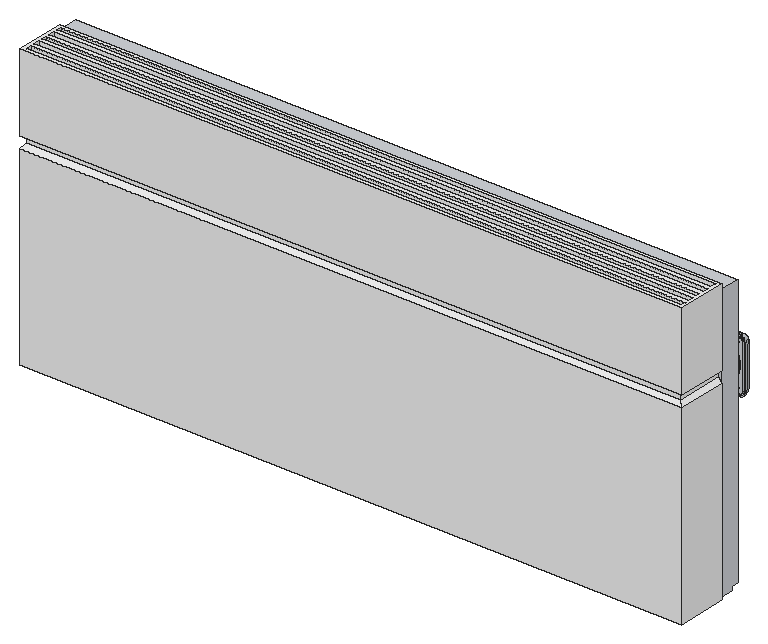
Revit family "57_CRD_ME_Care_H1C", category Mechanical Equipment, Revit 2020
Family settings
  Round Connector Dimension = Use Diameter
  Classification = None
  Part Type = Normal
  Work Plane-Based = Yes
  Always vertical = Yes
  Cut with Voids When Loaded = Yes
  Shared = No
  Room Calculation Point = Yes
Parameters (values of type "1320  x 485 x 142")
  voltage = 230 V  # constant formula
  schacht = yes
  ruimte_onder_unit = 50 mm
  roosters_hoh_maat [instance] = 880 mm
  rooster_offset_Y [instance] = -150 mm
  rooster_offset_X_rechts [instance] = roosters_hoh_maat - hoh_ventilatie_doorvoeren + rooster_offset_X_links  # -109 mm
  rooster_offset_X_links_vrij_invullen = 0 mm
  rooster_offset_X_links [instance] = if(hart_roosters_gelijk_aan_hart_unit, (hoh_ventilatie_doorvoeren - roosters_hoh_maat) / 2, rooster_offset_X_links_vrij_invullen)  # 109 mm
  positie_wcd_uit_hart_unit = 677 mm  # constant formula
  muurrooster_waalformaat [instance] = not(muurrooster_vierkant)  # no
  muurrooster_vierkant [instance] = yes
  materiaal_rooster [instance] = none
  materiaal_unit [instance] = aluminium_RAL_9016
  materiaal_kanaal [instance] = Color RAL 7021
  hart_roosters_gelijk_aan_hart_unit [instance] = yes
  eis_offset_Y [instance] = "negatief getal ivm ontwatering"  # constant formula
  dikte_binnenspouwblad [instance] = 122.475 mm
  lengte = 1530 mm  # constant formula
  kader_bovenkant = 8 mm
  hydronic_supply_flow = 0.0 L/s
  hydronic_return_flow = 0.0 L/s
  hoogte = 655 mm  # constant formula
  hoh_ventilatie_doorvoeren = 549 mm * 2  # 1098 mm
  hart_wcd_tov_vloerpeil = 217 mm  # constant formula
  hart_doorvoer_tov_ok_kast = 366 mm  # constant formula
  dikte_spouwconstructie [instance] = 350 mm
  diepte = 45 mm + 115 mm  # 160 mm
  diameter_hydronic_supply = 12.7 mm
  diameter_hydronic_return = 12.7 mm
  diameter_aansluiting [instance] = if(connection_diameter_110, 110 mm, 150 mm)  # 110 mm
  debiet_m3h_maximaal [instance] = 125.00 m³  # constant formula
  debiet_m3h [instance] = 100.00 m³
  debiet_Ls [instance] = debiet_m3h / 3600.0 s  # 27.7778 L/s
  connection_diameter_150 [instance] = 1 > 2  # no
  connection_diameter_110 [instance] = 2 > 1  # yes
  borstwering = hoogte + ruimte_onder_unit  # 705 mm
  Model = "Sensa H2X"  # constant formula
  Manufacturer = "ClimaRad"  # constant formula
  Description = "ClimaRad Sensa H2X ventilatie-unit"  # constant formula
  Default Elevation = 1219.2 mm
Reference planes
  plane 1 "Center (Front/Back)": y = 0
  plane 2: z = 0
  plane 3 "Center (Left/Right)": x = 0
  plane 4: x = -765
  plane 5: x = 765
  plane 6: y = -160
  plane 7 "onderkant": z = 50
  plane 8 "bovenkant": z = 705
  plane 9: y = 350
  plane 10: y = -45
  plane 11: z = 694
  plane 12 "hart_doorvoer": z = 416
  plane 13: x = -549
  plane 14: x = 549
  plane 15: x = -677
  plane 16 "wcd": z = 217
  plane 17 "Center L/S": z = 57
  plane 18: x = -757
  plane 19: y = -152
  plane 20: x = 757
  plane 21: x = 724
  plane 22: y = -44
  plane 23: y = -107
Forms (mm)
  Extrusion 1, solid, material "aluminium_RAL_9016" <- "materiaal_unit"
    sketch origin (0, 0, 0) x (1, 0, 0) y (0, 0, 1)
      loop
        line (-765, 705) -> (-765, 50) -> (765, 50) -> (765, 705) -> (-765, 705)
    from 45 to 160
  Extrusion 2, solid
    sketch origin (0, 0, 0) x (0, 1, 0) y (0, 0, 1)
      loop
        line (0, 66) -> (0, 694) -> (-45, 694) -> (-45, 57) -> (-17, 57) -> (-17, 66) -> (0, 66)
    from 765 to -765
  Sweep 3, void
    path origin (0, 0, 0) x (1, 0, 0) y (0, 1, 0)
      loop
        line (-765, -45) -> (-765, -160) -> (765, -160) -> (765, -45)
    profile origin (0, -160, 0) x (0, 1, 0) y (0, 0, 1)
      loop
        line (8, 525) -> (0, 525) -> (0, 498) -> (8, 509) -> (8, 525)
  Extrusion 4, void
    sketch origin (0, 0, 705) x (-1, 0, 0) y (0, -1, 0)
      loop
        line (757, 65.6) -> (-757, 65.6) -> (-757, 53) -> (757, 53) -> (757, 65.6)
      loop
        line (757, 74.6) -> (757, 87.2) -> (-757, 87.2) -> (-757, 74.6) -> (757, 74.6)
      loop
        line (757, 96.2) -> (757, 108.8) -> (-757, 108.8) -> (-757, 96.2) -> (757, 96.2)
      loop
        line (757, 117.8) -> (757, 130.4) -> (-757, 130.4) -> (-757, 117.8) -> (757, 117.8)
      loop
        line (757, 139.4) -> (757, 152) -> (-757, 152) -> (-757, 139.4) -> (757, 139.4)
    from 0 to -11
  Extrusion 5, solid, material "aluminium_RAL_9016" <- "materiaal_unit"
    sketch origin (0, 0, 50) x (0, -1, 0) y (1, 0, 0)
      loop
        circle (44, 724) r 10
    from 0 to 7
Cuts and joins
  Sweep 3, Extrusion 4 cuts Extrusion 1
  joined: Extrusion 1, Extrusion 5
  Sweep 3 cuts Extrusion 2
Dimensions and locks
  equal spacing: plane 4, plane 3 "Center (Left/Right)", plane 5
  "lengte": plane 4 to plane 5
  "diepte": plane 6 to plane 1 "Center (Front/Back)"
  "hoogte": plane 8 "bovenkant" to plane 7 "onderkant"
  "borstwering": plane 8 "bovenkant" to plane 2
  "dikte_spouwconstructie": plane 9 to plane 1 "Center (Front/Back)"
  locked: plane 10 to plane 1 "Center (Front/Back)" at 45
  locked: plane 8 "bovenkant" to plane 11 at 11
  "hart_doorvoer_tov_ok_kast": plane 12 "hart_doorvoer" to plane 7 "onderkant"
  equal spacing: plane 14, plane 3 "Center (Left/Right)", plane 13
  "hoh_ventilatie_doorvoeren": plane 14 to plane 13
  "positie_wcd_uit_hart_unit": plane 3 "Center (Left/Right)" to plane 15
  "hart_wcd_tov_vloerpeil": plane 16 "wcd" to plane 2
  locked: plane 17 "Center L/S" to plane 7 "onderkant" at 7
  "kader_bovenkant": plane 19 to plane 6
  "kader_bovenkant": plane 4 to plane 18
  "kader_bovenkant": plane 20 to plane 5
  locked: plane 21 to plane 5 at 41
  locked: plane 1 "Center (Front/Back)" to plane 22 at 44
  locked: plane 22 to plane 23 at 63
  aligned and locked: level to plane 2
  aligned and locked: Extrusion 1 sketch curve to plane 8 "bovenkant"
  aligned and locked: plane 4 to Extrusion 1 sketch curve
  aligned and locked: Extrusion 1 sketch curve to plane 7 "onderkant"
  aligned and locked: Extrusion 1 sketch curve to plane 5
  aligned and locked: Extrusion 1 to plane 6
  aligned and locked: plane 10 to Extrusion 1
  aligned and locked: plane 1 "Center (Front/Back)" to Extrusion 2 sketch curve
  aligned and locked: Extrusion 2 sketch curve to plane 10
  aligned and locked: plane 17 "Center L/S" to Extrusion 2 sketch curve
  aligned and locked: Extrusion 2 sketch curve to plane 11
  aligned and locked: Extrusion 2 to plane 4
  aligned and locked: plane 5 to Extrusion 2
  aligned and locked: Sweep 3 sketch curve to plane 6
  aligned and locked: Sweep 3 sketch curve to plane 5
  aligned and locked: Sweep 3 sketch curve to plane 4
  aligned and locked: plane 10 to Sweep 3 sketch curve  (x2)
  aligned and locked: Extrusion 4 sketch curve to Extrusion 4 sketch curve  (x4)
  aligned and locked: Extrusion 4 sketch curve to plane 20
  aligned and locked: Extrusion 4 sketch curve to plane 18
  aligned and locked: Extrusion 4 sketch curve to plane 19
  aligned and locked: nested 1 to plane 1 "Center (Front/Back)"
  aligned and locked: nested 1 to plane 13
  aligned and locked: nested 3 to plane 14
Automatic sketch dimensions
  Extrusion 2 sketch curve to Extrusion 2 sketch curve = 28 mm
  Extrusion 2 sketch curve to Extrusion 2 sketch curve = 9 mm
  Sweep 3 sketch curve to Sweep 3 sketch curve = 8 mm
  Sweep 3 sketch curve to Sweep 3 sketch curve = 16 mm
  Sweep 3 sketch curve to profile plane = 0 mm
  level to Sweep 3 sketch curve = 498 mm
  Sweep 3 sketch curve to Sweep 3 sketch curve = 11 mm
  Extrusion 4 sketch curve to plane 20 = 0 mm
  Extrusion 4 sketch curve to plane 18 = 0 mm  (x3)
  Extrusion 4 sketch curve to plane 10 = 20.6 mm
  Extrusion 4 sketch curve to Extrusion 4 sketch curve = 9 mm  (x3)
  Extrusion 4 sketch curve to Extrusion 4 sketch curve = 12.6 mm  (x3)
  plane 19 to Extrusion 4 sketch curve = 12.6 mm
  Extrusion 4 sketch curve to plane 10 = 8 mm
  Extrusion 5 sketch curve to plane 21 = 0 mm
  Extrusion 5 sketch curve to plane 22 = 0 mm
  radius of Extrusion 5 sketch curve = 10 mm
Nested families
  nested 1: "57_CRD_AT_aansluiting_muurrooster_flex" at (-549, 0, 416) x (-1, 0, 0) z (0, 0, 1), diepte <- "dikte_spouwconstructie", lengte_recht_deel_aansluiting <- "dikte_binnenspouwblad", offset_X <- "rooster_offset_X_rechts", offset_Y <- "rooster_offset_Y", materiaal_rooster <- "materiaal_rooster", Connection Diameter 150 <- "connection_diameter_150", muurrooster_waalformaat <- "muurrooster_waalformaat", materiaal_kanaal <- "materiaal_kanaal", type "Grille"
    with rekenwaarde_offset_Y 850 mm, rekenwaarde_offset_X 891 mm, offset_Y -150 mm, offset_X -109 mm, muurrooster_waalformaat no, muurrooster_vierkant yes, materiaal_rooster none, materiaal_kanaal Color RAL 7021, lengte_recht_deel_aansluiting 122.475 mm, diepte 350 mm, Tube Length 320 mm, R 55 mm, Diameter 110 mm, Connection Diameter 150 no, Connection Diameter 110 yes, Connection Diameter 110 mm, Default Elevation 0 mm
  nested 2: "Square Grille" at (-440, 350.025, 266) x (-1, 0, 0) z (0, 0, 1), type "Square Grille"
    with materiaal none, Function Code ""
  nested 3: "57_CRD_AT_aansluiting_muurrooster_flex" at (549, 0, 416) x (-1, 0, 0) z (0, 0, 1), diepte <- "dikte_spouwconstructie", lengte_recht_deel_aansluiting <- "dikte_binnenspouwblad", offset_X <- "rooster_offset_X_links", offset_Y <- "rooster_offset_Y", materiaal_rooster <- "materiaal_rooster", Connection Diameter 150 <- "connection_diameter_150", muurrooster_waalformaat <- "muurrooster_waalformaat", materiaal_kanaal <- "materiaal_kanaal", type "Grille"
    with rekenwaarde_offset_Y 850 mm, rekenwaarde_offset_X 1109 mm, offset_Y -150 mm, offset_X 109 mm, muurrooster_waalformaat no, muurrooster_vierkant yes, materiaal_rooster none, materiaal_kanaal Color RAL 7021, lengte_recht_deel_aansluiting 122.475 mm, diepte 350 mm, Tube Length 320 mm, R 55 mm, Diameter 110 mm, Connection Diameter 150 no, Connection Diameter 110 yes, Connection Diameter 110 mm, Default Elevation 0 mm
  nested 4: "Square Grille" at (440, 350.025, 266) x (-1, 0, 0) z (0, 0, 1), type "Square Grille"
    with materiaal none, Function Code ""
Connectors
  piping at (724, -44, 50), diameter 12.7, driven by "diameter_hydronic_return", driven by "hydronic_return_flow"
    settings: index 3, connector inside diameter 609.6 mm, connector length 0 mm, flow factor 0, pipe flow 0.0 L/s, pressure drop 0.0 Pa, fitting loss kfactor 0, connector angle 0.00°, fixture units 0, engagement length 0 mm, angle of deflection 0.00°, flow configuration 1, flow direction 0, fitting loss method 0, system type 8, joint type 0, gender type 0, connector reference index -1, connector utility 0, adjustable connector no, is connector primary yes, connector description ""
  piping at (724, -107, 50), diameter 12.7, driven by "diameter_hydronic_supply", driven by "hydronic_supply_flow"
    settings: index 4, connector inside diameter 609.6 mm, connector length 0 mm, flow factor 0, pipe flow 0.0 L/s, pressure drop 0.0 Pa, fitting loss kfactor 0, connector angle 0.00°, fixture units 0, engagement length 0 mm, angle of deflection 0.00°, flow configuration 0, flow direction 0, fitting loss method 0, system type 7, joint type 0, gender type 0, connector reference index -1, connector utility 0, adjustable connector no, is connector primary no, connector description ""
  hvac at (549, 0, 416), driven by "diameter_aansluiting", driven by "debiet_Ls"
    settings: on nested 3, index 5, duct flow 27.7778 L/s, flow factor 0, pres drop 0.0 Pa, loss coef 0, conn angle 0.00°, conn width 304.8 mm, conn height 304.8 mm, conn diameter 110 mm, duct sys type 1, conn prof type 0, flow config 1, flow direction 1, loss method 0, conn ref index -1, conn util no, is conn primary yes, conn desc ""
  hvac at (-549, 0, 416), driven by "diameter_aansluiting", driven by "debiet_Ls"
    settings: on nested 1, index 6, duct flow 27.7778 L/s, flow factor 0, pres drop 0.0 Pa, loss coef 0, conn angle 0.00°, conn width 304.8 mm, conn height 304.8 mm, conn diameter 110 mm, duct sys type 2, conn prof type 0, flow config 1, flow direction 2, loss method 0, conn ref index -1, conn util no, is conn primary no, conn desc ""
  electrical at (0, 0, 380), driven by "voltage"
    settings: on cut or joined group of Extrusion 2, Sweep 3, index 7, voltage 230 V, apparent load 0 VA, apparent load phase1 0 VA, apparent load phase2 0 VA, apparent load phase3 0 VA, power factor 1, load classification "Other", number of poles 1, system type 31, power factor state 1, is connector primary yes, connector utility no, sub classification motor no, connector description ""
Definition of nested family "57_CRD_AT_aansluiting_muurrooster_flex"
  Parameters (values of type "Grille")
    rekenwaarde_offset_Y [instance] = offset_Y + 1000 mm  # 1850 mm
    rekenwaarde_offset_X [instance] = offset_X + 1000 mm  # 1850 mm
    offset_Y [instance] = 850 mm
    offset_X [instance] = 850 mm
    muurrooster_waalformaat [instance] = yes
    muurrooster_vierkant [instance] = not(muurrooster_waalformaat)  # no
    materiaal_rooster [instance] = none
    materiaal_kanaal [instance] = none
    lengte_recht_deel_aansluiting [instance] = 100 mm
    diepte [instance] = 600 mm
    Width = 210 mm
    Watermarked By = ""
    URL = "www.stabiplan.com"
    Tube Length [instance] = if(muurrooster_waalformaat, diepte - 80 mm, diepte - 30 mm)  # 520 mm
    R [instance] = Connection Diameter / 2  # 75 mm
    Model = ""
    Manufacturer = "ClimaRad"  # constant formula
    IFCExportType = "GRILLE"  # constant formula
    IFCExportAs = "IfcAirTerminal"  # constant formula
    Height = 53 mm
    Diameter [instance] = Connection Diameter  # 150 mm
    Description = ""
    Depth = 7.5 mm
    Default Elevation = 1219.2 mm
    Connection Diameter 150 [instance] = yes
    Connection Diameter 110 [instance] = not(Connection Diameter 150)  # no
    Connection Diameter [instance] = if(Connection Diameter 110, 110 mm, 150 mm)  # 150 mm
    Keynote = "﻿﻿​        ﻿﻿  ﻿ ﻿   ﻿ ﻿ ﻿     ﻿   ﻿ ﻿  ﻿﻿ ﻿     ​                      ﻿     ﻿     ​         ​              ﻿                           ​﻿﻿"
    Type Comments = "﻿﻿​        ﻿﻿  ﻿ ﻿   ﻿ ﻿ ﻿     ﻿   ﻿ ﻿  ﻿﻿ ﻿     ​                      ﻿     ﻿     ​         ​              ﻿                           ​﻿﻿"
    Assembly Code = "﻿﻿​        ﻿﻿  ﻿ ﻿   ﻿ ﻿ ﻿     ﻿   ﻿ ﻿  ﻿﻿ ﻿     ​                      ﻿     ﻿     ​         ​              ﻿                           ​﻿﻿"
  Reference planes
    plane 1 "Center (Front/Back)": y = 0
    plane 2: z = 0
    plane 3 "Center (Left/Right)": x = 0
    plane 4: y = -340.025
    plane 5: x = 43
    plane 6: x = -43
    plane 7 "achterkant_rooster": y = -520
    plane 8: x = -1000
    plane 9: z = -1000
    plane 10: x = 850
    plane 11 "level_muurrooster": z = 850
    plane 12 "asp_rooster": y = -470.025
    plane 13 "ventura_ASP": y = -100
    plane 14: y = -550.025
    plane 15: y = -600.025
  Forms (mm)
    Extrusion 1, solid, material <- "materiaal_kanaal"
      sketch origin (0, -100, 0) x (-1, 0, 0) y (0, 0, 1)
        loop
          circle (0, 0) r 75
      from 0 to 100
    Blend 2, solid, material <- "materiaal_kanaal"
      base sketch origin (0, -100, 0) x (-1, 0, 0) y (0, 0, 1)
        loop
          circle (0, 0) r 75
      top sketch origin (0, -470.025, 0) x (-1, 0, 0) y (0, 0, 1)
        loop
          circle (-850, 850.501) r 75
      from 0 to 0
    SweptBlend 3, solid, material <- "materiaal_kanaal"
      path origin (0, -430.025, 850) x (-1, 0, 0) y (0, -1, 0)
        loop
          line (-850, 40) -> (-850, 89.975)
      profile origin (850, -470.025, 850) x (1, 0, 0) y (0, 0, 1)
        loop
          circle (0, 0.501) r 75
      end profile origin (850, -520, 850) x (1, 0, 0) y (0, 0, 1)
        loop
          circle (0, 0.501) r 50
  Lines and regions (mm)
    model lines
      curve 1: line (850, -470.025, 850) -> (850, -520, 850)
  Dimensions and locks
    equal spacing: plane 6, plane 3 "Center (Left/Right)", plane 5
    locked: plane 6 to plane 5 at 86
    plane 1 "Center (Front/Back)" to plane 4 = 340.025 mm
    plane 7 "achterkant_rooster" to plane 1 "Center (Front/Back)" = 520 mm
    locked: plane 3 "Center (Left/Right)" to plane 8 at 1000
    locked: plane 2 to plane 9 at 1000
    "rekenwaarde_offset_Y": plane 11 "level_muurrooster" to plane 9
    "rekenwaarde_offset_X": plane 10 to plane 8
    locked: plane 14 to plane 15 at 50
    "Tube Length": plane 7 "achterkant_rooster" to plane 1 "Center (Front/Back)"
    locked: plane 7 "achterkant_rooster" to plane 12 "asp_rooster" at 49.975
    locked: plane 15 to plane 7 "achterkant_rooster" at 80.025
    "lengte_recht_deel_aansluiting": plane 1 "Center (Front/Back)" to plane 13 "ventura_ASP"
    "Diameter": diameter of Extrusion 1 sketch curve
    "Diameter": diameter of Blend 2 sketch curve  (x2)
    "Diameter": diameter of SweptBlend 3 sketch curve
    aligned and locked: level to plane 2
    aligned and locked: plane 7 "achterkant_rooster" to SweptBlend 3 sketch curve
    aligned and locked: SweptBlend 3 sketch curve to plane 12 "asp_rooster"
    aligned and locked: plane 10 to nested 1
    aligned and locked: plane 14 to nested 2
    aligned and locked: plane 10 to nested 2
    aligned and locked: plane 15 to nested 1
    aligned and locked: Extrusion 1 to plane 1 "Center (Front/Back)"
  Automatic sketch dimensions
    plane 7 "achterkant_rooster" to curve 1 = 0 mm
    curve 1 to plane 10 = 0 mm
    curve 1 to plane 12 "asp_rooster" = 0 mm
    SweptBlend 3 sketch curve to plane 10 = 0 mm
    profile plane to SweptBlend 3 sketch curve = 0 mm  (x2)
    plane 11 "level_muurrooster" to SweptBlend 3 sketch curve = 0.501 mm  (x2)
    Extrusion 1 sketch curve to level = 0 mm
    Extrusion 1 sketch curve to plane 3 "Center (Left/Right)" = 0 mm
    Blend 2 sketch curve to level = 0 mm
    Blend 2 sketch curve to plane 3 "Center (Left/Right)" = 0 mm
    Blend 2 sketch curve to Blend 2 sketch curve = 0 mm  (x2)
    plane 10 to Blend 2 sketch curve = 0 mm
    plane 11 "level_muurrooster" to Blend 2 sketch curve = 0.501 mm
    radius of SweptBlend 3 sketch curve = 50 mm
  Nested families
    nested 1: "Rectangular Grille" at (850, -600.025, 850), materiaal <- "materiaal_rooster", visible <- "muurrooster_waalformaat", type "Rectangular Grille"
      with materiaal none, Function Code "", Default Elevation 0 mm
    nested 2: "Square Grille" at (850, -550.025, 850), materiaal <- "materiaal_rooster", visible <- "muurrooster_vierkant", type "Square Grille"
      with materiaal none, Function Code ""
  Definition of nested family "Rectangular Grille"
    Parameters (values of type "Rectangular Grille")
      Width = 210 mm
      Wholesaler Art. No. = ""
      Wholesaler = ""
      materiaal [instance] = none
      Watermarked By = "www.stabiplan.com"
      URL = "www.stabiplan.com"
      Type Comments = "﻿﻿ ﻿ ﻿﻿﻿﻿﻿﻿          ​          ﻿       ﻿   ﻿  ﻿  ﻿  ﻿​     ​​  ​​   ​​   ﻿﻿     ​      ​​  ​​      ﻿     ﻿   ﻿      ﻿  ﻿﻿"
      Stabu Code = ""
      Revit Version = "2014"  # constant formula
      Product Line = "ClimaRad"
      Model = "53x210"
      Manufacturer URL = "www.climarad.com"
      Manufacturer Art. No. = "3511103"
      Manufacturer = "ClimaRad"
      MEPcontent Class = "GRILLE"  # constant formula
      Keynote = "﻿﻿ ﻿ ﻿﻿﻿﻿﻿﻿          ​          ﻿       ﻿   ﻿  ﻿  ﻿  ﻿​     ​​  ​​   ​​   ﻿﻿     ​      ​​  ​​      ﻿     ﻿   ﻿      ﻿  ﻿﻿"
      Internal Art. No. = ""
      IFCExportType = "GRILLE"  # constant formula
      IFCExportAs = "IfcAirTerminalType"  # constant formula
      Height = 53 mm
      GTIN = ""
      Function Code [instance] = ""
      Family Version = "10.04"  # constant formula
      ETIM Article Class = "EC001297"
      EMCS Version = "2.0"  # constant formula
      Description = "Aluminium brick"
      Depth = 7.5 mm
      Default Elevation = 1219.2 mm
      Custom = no
      Copyright = "© Stabiplan International BV"  # constant formula
      Content Supplier URL = "www.mepcontent.eu"
      CB-NL Class = ""
      Assembly Code = "﻿﻿ ﻿ ﻿﻿﻿﻿﻿﻿          ​          ﻿       ﻿   ﻿  ﻿  ﻿  ﻿​     ​​  ​​   ​​   ﻿﻿     ​      ​​  ​​      ﻿     ﻿   ﻿      ﻿  ﻿﻿"
      Article Type = "53x210"
      Article Description = "Aluminium brick"
    Reference planes
      plane 1 "Center (Front/Back)": y = 0
      plane 2: z = 0
      plane 3 "Center (Left/Right)": x = 0
      plane 4: y = 90
    Forms (mm)
      Revolve 1, solid, material <- "materiaal", detail levels fine
        sketch origin (0, 50, 0) x (0, 1, 0) y (0, 0, 1)
          loop
            arc (39.018, 42.11) -> (39.963, 43.055) -> (39.018, 44) r 0.945
            line (39.018, 44) -> (38.22, 44)
            arc (38.22, 44) -> (37.144, 44.34) -> (36.461, 45.238) r 1.868
            line (36.461, 45.238) -> (36.176, 46.035)
            arc (36.176, 46.035) -> (35.58, 46.509) -> (34.985, 46.035) r 0.611
            line (34.985, 46.035) -> (34.985, 44.473)
            arc (34.985, 44.473) -> (34.391, 43.99) -> (33.796, 44.473) r 0.607
            line (33.796, 44.473) -> (33.796, 46.019)
            arc (33.796, 46.019) -> (33.188, 46.501) -> (32.58, 46.019) r 0.625
            line (32.58, 46.019) -> (32.287, 45.206)
            arc (32.287, 45.206) -> (31.587, 44.307) -> (30.491, 43.995) r 1.834
            line (30.491, 43.995) -> (29.298, 43.995)
            arc (29.298, 43.995) -> (28.157, 44.349) -> (27.417, 45.286) r 2.015
            line (27.417, 45.286) -> (27.157, 46.035)
            arc (27.157, 46.035) -> (26.562, 46.509) -> (25.966, 46.035) r 0.611
            line (25.966, 46.035) -> (25.966, 44.473)
            arc (25.966, 44.473) -> (25.372, 43.99) -> (24.777, 44.473) r 0.607
            line (24.777, 44.473) -> (24.777, 46.019)
            arc (24.777, 46.019) -> (24.169, 46.501) -> (23.561, 46.019) r 0.625
            line (23.561, 46.019) -> (23.268, 45.206)
            arc (23.268, 45.206) -> (22.536, 44.329) -> (21.442, 44) r 1.985
            line (21.442, 44) -> (0, 44) -> (0, 42.11) -> (39.018, 42.11)
          axis (39.018, 0) -> (0, 0)
        angle from 0 to 360
      Sweep 2, solid, material <- "materiaal", detail levels fine
        path origin (0, 0, 0) x (1, 0, 0) y (0, 0, 1)
          loop
            line (-104, 25.5) -> (-104, -25.5) -> (104, -25.5) -> (104, 25.5) -> (-104, 25.5)
        profile origin (0, 0, 25.5) x (0, 0, 1) y (0, -1, 0)
          loop
            line (-3.5, 6.5) -> (-0.973, 6.5)
            arc (-0.973, 6.5) -> (-0.285, 6.215) -> (0, 5.527) r 0.973
            line (0, 5.527) -> (0, 0) -> (1, 0) -> (1, 5.549)
            arc (1, 5.549) -> (0.429, 6.929) -> (-0.951, 7.5) r 1.951
            line (-0.951, 7.5) -> (-3.5, 7.5) -> (-3.5, 6.5)
      Extrusion 3, solid, material <- "materiaal", detail levels fine
        sketch origin (0, 0, 0) x (0, 1, 0) y (0, 0, 1)
          loop
            line (13.466, 12.788) -> (0.018, 16.392)
            arc (0.018, 16.392) -> (-0.847, 16.43) -> (-1.647, 16.098) r 2
            line (-1.647, 16.098) -> (-7.5, 12) -> (-6.926, 11.181) -> (-1.074, 15.279)
            arc (-1.074, 15.279) -> (-0.674, 15.445) -> (-0.241, 15.426) r 1
            line (-0.241, 15.426) -> (13.207, 11.822) -> (13.466, 12.788)
          loop
            line (13.466, 0.788) -> (0.018, 4.392)
            arc (0.018, 4.392) -> (-0.847, 4.43) -> (-1.647, 4.098) r 2
            line (-1.647, 4.098) -> (-7.5, 0) -> (-6.926, -0.819) -> (-1.074, 3.279)
            arc (-1.074, 3.279) -> (-0.674, 3.445) -> (-0.241, 3.426) r 1
            line (-0.241, 3.426) -> (13.207, -0.178) -> (13.466, 0.788)
          loop
            line (13.466, -11.212) -> (0.018, -7.608)
            arc (0.018, -7.608) -> (-0.847, -7.57) -> (-1.647, -7.902) r 2
            line (-1.647, -7.902) -> (-7.5, -12) -> (-6.926, -12.819) -> (-1.074, -8.721)
            arc (-1.074, -8.721) -> (-0.674, -8.555) -> (-0.241, -8.574) r 1
            line (-0.241, -8.574) -> (13.207, -12.178) -> (13.466, -11.212)
        from -99.5 to 99.5
      Extrusion 4, solid, material <- "materiaal", detail levels fine
        sketch origin (0, 0, 0) x (1, 0, 0) y (0, 1, 0)
          loop
            line (-104, 0) -> (-104, -4.5)
            arc (-104, -4.5) -> (-103.414, -5.914) -> (-102, -6.5) r 2
            line (-102, -6.5) -> (-100.377, -6.5)
            arc (-100.377, -6.5) -> (-99.058, -6.004) -> (-98.394, -4.761) r 2
            line (-98.394, -4.761) -> (-95.626, 16.266)
            arc (-95.626, 16.266) -> (-95.531, 17.224) -> (-95.5, 18.185) r 14.704
            line (-95.5, 18.185) -> (-95.5, 30.5) -> (-96.5, 30.5) -> (-96.5, 18.368)
            arc (-96.5, 18.368) -> (-96.535, 17.29) -> (-96.641, 16.216) r 16.483
            line (-96.641, 16.216) -> (-99.386, -4.631)
            arc (-99.386, -4.631) -> (-99.718, -5.252) -> (-100.377, -5.5) r 1
            line (-100.377, -5.5) -> (-102, -5.5)
            arc (-102, -5.5) -> (-102.707, -5.207) -> (-103, -4.5) r 1
            line (-103, -4.5) -> (-103, 0) -> (-104, 0)
          loop
            line (104, 0) -> (103, 0) -> (103, -4.5)
            arc (103, -4.5) -> (102.707, -5.207) -> (102, -5.5) r 1
            line (102, -5.5) -> (100.377, -5.5)
            arc (100.377, -5.5) -> (99.718, -5.252) -> (99.386, -4.631) r 1
            line (99.386, -4.631) -> (96.641, 16.216)
            arc (96.641, 16.216) -> (96.535, 17.29) -> (96.5, 18.368) r 16.483
            line (96.5, 18.368) -> (96.5, 30.5) -> (95.5, 30.5) -> (95.5, 18.185)
            arc (95.5, 18.185) -> (95.531, 17.224) -> (95.626, 16.266) r 14.704
            line (95.626, 16.266) -> (98.394, -4.761)
            arc (98.394, -4.761) -> (99.058, -6.004) -> (100.377, -6.5) r 2
            line (100.377, -6.5) -> (102, -6.5)
            arc (102, -6.5) -> (103.414, -5.914) -> (104, -4.5) r 2
            line (104, -4.5) -> (104, 0)
        from -22.5 to 22.483
      Extrusion 5, void
        sketch origin (0, 0, 0) x (0, 1, 0) y (0, 0, 1)
          loop
            line (28.768, 10) -> (30.5, 9) -> (30.5, 22.483) -> (11.436, 22.483) -> (15.5, 20.116) -> (15.5, 10) -> (28.768, 10)
          loop
            line (28.768, -10) -> (15.5, -10) -> (15.5, -20.116) -> (11.436, -22.483) -> (30.5, -22.483) -> (30.5, -9) -> (28.768, -10)
        from -105 to 105
      Extrusion 6, solid, material <- "materiaal", detail levels fine
        sketch origin (0, 120.385, -0.738) x (0, 1, 0) y (0, 0, 1)
          loop
            line (-119.375, 17.238) -> (-106.375, 13.755) -> (-106.375, 11.722) -> (-119.375, 8.238) -> (-119.375, 5.238) -> (-106.375, 1.755) -> (-106.375, -0.278) -> (-119.375, -3.762) -> (-119.375, -6.762) -> (-106.375, -10.245) -> (-106.375, -12.278) -> (-119.375, -15.762) -> (-119.375, -21.951) -> (-88.885, -21.684) -> (-88.885, 23.161) -> (-119.375, 23.427) -> (-119.375, 17.238)
        from -30.489 to -29.481
      Extrusion 7, solid, material <- "materiaal", detail levels fine
        sketch origin (0, 120.385, -0.738) x (0, 1, 0) y (0, 0, -1)
          loop
            line (-119.375, -17.238) -> (-119.375, -23.427) -> (-88.885, -23.161) -> (-88.885, 21.684) -> (-119.375, 21.951) -> (-119.375, 15.762) -> (-106.375, 12.278) -> (-106.375, 10.245) -> (-119.375, 6.762) -> (-119.375, 3.762) -> (-106.375, 0.278) -> (-106.375, -1.755) -> (-119.375, -5.238) -> (-119.375, -8.238) -> (-106.375, -11.722) -> (-106.375, -13.755) -> (-119.375, -17.238)
        from -30.489 to -29.481
      Extrusion 8, solid, material <- "materiaal", detail levels fine
        sketch origin (0, 0, 0) x (1, 0, 0) y (0, 0, 1)
          loop
            line (-104, 25.5) -> (-104, -25.5) -> (104, -25.5) -> (104, 25.5) -> (-104, 25.5)
          loop
            line (-103, 24.5) -> (-103, -24.5) -> (103, -24.5) -> (103, 24.5) -> (-103, 24.5)
        from 0 to -30.5
      SweptBlend 9, solid, material <- "materiaal", detail levels fine
        path in 3D
          loop
            line (0, 50, 0) -> (0, 30.5, 0)
        profile origin (0, 50, 0) x (1, 0, 0) y (0, 0, 1)
          loop
            arc (-32.665, 29.479) -> (-43.863, -3.472) -> (-27.619, -34.252) r 44
            arc (-27.619, -34.252) -> (-3.022, -43.896) -> (22.666, -37.713) r 44
            arc (22.666, -37.713) -> (43.292, -7.859) -> (34.475, 27.34) r 44
            arc (34.475, 27.34) -> (1.401, 43.978) -> (-32.665, 29.479) r 44
        end profile origin (0, 30.5, 0) x (1, 0, 0) y (0, 0, 1)
          loop
            line (-104, 25.5) -> (-104, -25.5) -> (104, -25.5) -> (104, 25.5) -> (-104, 25.5)
      Extrusion 10, solid, detail levels coarse+medium
        sketch origin (0, 0, 0) x (1, 0, 0) y (0, 0, 1)
          loop
            circle (0, 0) r 46.019
        from -90 to -50
      Extrusion 11, solid, detail levels coarse+medium
        sketch origin (0, 0, 0) x (1, 0, 0) y (0, 1, 0)
          loop
            line (-105, -7.5) -> (105, -7.5) -> (105, 30.18) -> (44, 50) -> (-44, 50) -> (-105, 30.18) -> (-105, -7.5)
        from -26.5 to 26.5
    Cuts and joins
      Extrusion 5 cuts Revolve 1
      Extrusion 5 cuts Extrusion 4
    Lines and regions (mm)
      sketch lines
        curve 1: line (0, 50, 0) -> (0, 30.5, 0)
    Dimensions and locks
      plane 1 "Center (Front/Back)" to plane 4 = 90 mm
      Extrusion 11 sketch curve to plane 1 "Center (Front/Back)" = 7.5 mm
      Extrusion 11 sketch curve to plane 3 "Center (Left/Right)" to Extrusion 11 sketch curve = 105 mm, 105 mm
      diameter of Extrusion 10 sketch curve = 92.038 mm
      aligned and locked: level to plane 2
      aligned and locked: Sweep 2 to Extrusion 5  (x2)
      aligned and locked: plane 4 to Extrusion 10
      aligned and locked: Extrusion 11 to Sweep 2  (x2)
  Definition of nested family "Square Grille"
    Parameters (values of type "Square Grille")
      Width = 127 mm
      Wholesaler Art. No. = ""
      Wholesaler = ""
      materiaal [instance] = none
      Watermarked By = "www.stabiplan.com"
      URL = "www.stabiplan.com"
      Type Comments = "﻿﻿  ​                        ﻿﻿       ​      ﻿      ﻿                  ﻿                         ﻿​  ​ ﻿      ​   ﻿﻿"
      Stabu Code = ""
      Revit Version = "2014"  # constant formula
      Product Line = "ClimaRad"
      Model = "127x127"
      Manufacturer URL = "www.climarad.com"
      Manufacturer Art. No. = "3511203"
      Manufacturer = "ClimaRad"
      MEPcontent Class = "GRILLE"  # constant formula
      Keynote = "﻿﻿  ​                        ﻿﻿       ​      ﻿      ﻿                  ﻿                         ﻿​  ​ ﻿      ​   ﻿﻿"
      Internal Art. No. = ""
      IFCExportType = "GRILLE"  # constant formula
      IFCExportAs = "IfcAirTerminalType"  # constant formula
      Height = 127 mm
      GTIN = ""
      Function Code [instance] = ""
      Family Version = "10.04"  # constant formula
      ETIM Article Class = "EC001297"
      EMCS Version = "2.0"  # constant formula
      Description = "Aluminium set up grid"
      Depth = 14 mm
      Default Elevation = 1219.2 mm
      Custom = no
      Copyright = "© Stabiplan International BV"  # constant formula
      Content Supplier URL = "www.mepcontent.eu"
      CB-NL Class = ""
      Assembly Code = ""
      Article Type = "127x127"
      Article Description = "Aluminium set up grid"
    Reference planes
      plane 1 "Center (Front/Back)": y = 0
      plane 2: z = 0
      plane 3 "Center (Left/Right)": x = 0
    Forms (mm)
      Revolve 1, solid, material <- "materiaal", detail levels fine
        sketch origin (0, 0, 0) x (0, 1, 0) y (0, 0, 1)
          loop
            arc (39.018, 42.11) -> (39.963, 43.055) -> (39.018, 44) r 0.945
            line (39.018, 44) -> (38.22, 44)
            arc (38.22, 44) -> (37.144, 44.34) -> (36.461, 45.238) r 1.868
            line (36.461, 45.238) -> (36.176, 46.035)
            arc (36.176, 46.035) -> (35.58, 46.509) -> (34.985, 46.035) r 0.611
            line (34.985, 46.035) -> (34.985, 44.473)
            arc (34.985, 44.473) -> (34.391, 43.99) -> (33.796, 44.473) r 0.607
            line (33.796, 44.473) -> (33.796, 46.019)
            arc (33.796, 46.019) -> (33.188, 46.501) -> (32.58, 46.019) r 0.625
            line (32.58, 46.019) -> (32.287, 45.206)
            arc (32.287, 45.206) -> (31.587, 44.307) -> (30.491, 43.995) r 1.834
            line (30.491, 43.995) -> (29.298, 43.995)
            arc (29.298, 43.995) -> (28.157, 44.349) -> (27.417, 45.286) r 2.015
            line (27.417, 45.286) -> (27.157, 46.035)
            arc (27.157, 46.035) -> (26.562, 46.509) -> (25.966, 46.035) r 0.611
            line (25.966, 46.035) -> (25.966, 44.473)
            arc (25.966, 44.473) -> (25.372, 43.99) -> (24.777, 44.473) r 0.607
            line (24.777, 44.473) -> (24.777, 46.019)
            arc (24.777, 46.019) -> (24.169, 46.501) -> (23.561, 46.019) r 0.625
            line (23.561, 46.019) -> (23.268, 45.206)
            arc (23.268, 45.206) -> (22.536, 44.329) -> (21.442, 44) r 1.985
            line (21.442, 44) -> (20.411, 44)
            arc (20.411, 44) -> (19.937, 44.038) -> (19.476, 44.149) r 3.01
            line (19.476, 44.149) -> (1.763, 49.941)
            arc (1.763, 49.941) -> (0.593, 50.723) -> (0, 52) r 2.607
            line (0, 52) -> (0, 48.544) -> (17.33, 42.775)
            arc (17.33, 42.775) -> (19.355, 42.277) -> (21.434, 42.11) r 12.994
            line (21.434, 42.11) -> (39.018, 42.11)
          axis (39.018, 0) -> (0, 0)
        angle from 0 to 360
      Sweep 2, solid, material <- "materiaal", detail levels fine
        path origin (0, 0, 0) x (1, 0, 0) y (0, 0, 1)
          loop
            arc (-53.079, -51.114) -> (-52.503, -52.503) -> (-51.114, -53.079) r 1.965
            line (-51.114, -53.079) -> (51.075, -53.079)
            arc (51.075, -53.079) -> (52.492, -52.492) -> (53.079, -51.075) r 2.004
            line (53.079, -51.075) -> (53.079, 51.126)
            arc (53.079, 51.126) -> (52.507, 52.507) -> (51.126, 53.079) r 1.953
            line (51.126, 53.079) -> (-51.079, 53.079)
            arc (-51.079, 53.079) -> (-52.493, 52.493) -> (-53.079, 51.079) r 2
            line (-53.079, 51.079) -> (-53.079, -51.114)
        profile origin (-53.079, 0, -0.018) x (-1, 0, 0) y (0, -1, 0)
          loop
            line (9.386, 0) -> (10.421, 0) -> (7.067, 12.518)
            arc (7.067, 12.518) -> (6.353, 13.587) -> (5.135, 14) r 2
            line (5.135, 14) -> (3.864, 14)
            arc (3.864, 14) -> (2.455, 13.438) -> (1.82, 12.06) r 2.048
            line (1.82, 12.06) -> (1.498, 5.921)
            arc (1.498, 5.921) -> (1.033, 4.912) -> (0, 4.5) r 1.5
            line (0, 4.5) -> (0, 3.5)
            arc (0, 3.5) -> (1.721, 4.187) -> (2.497, 5.869) r 2.5
            line (2.497, 5.869) -> (2.821, 12.065)
            arc (2.821, 12.065) -> (3.095, 12.726) -> (3.757, 13) r 0.935
            line (3.757, 13) -> (5.135, 13)
            arc (5.135, 13) -> (5.744, 12.793) -> (6.101, 12.259) r 1
            line (6.101, 12.259) -> (9.386, 0)
      Extrusion 3, solid, material <- "materiaal", detail levels fine
        sketch origin (0, 0, 0) x (0, 1, 0) y (0, 0, 1)
          loop
            line (-4.5, 53.079) -> (-4.5, 50.079)
            arc (-4.5, 50.079) -> (-4.657, 49.541) -> (-5.077, 49.172) r 1
            line (-5.077, 49.172) -> (-9.609, 47.059)
            arc (-9.609, 47.059) -> (-11.811, 45.657) -> (-13.574, 43.732) r 10
            line (-13.574, 43.732) -> (-12.755, 43.158)
            arc (-12.755, 43.158) -> (-11.168, 44.891) -> (-9.186, 46.153) r 9
            line (-9.186, 46.153) -> (-4.655, 48.266)
            arc (-4.655, 48.266) -> (-3.858, 48.933) -> (-3.5, 49.908) r 2.015
            line (-3.5, 49.908) -> (-3.5, 53.079) -> (-4.5, 53.079)
          loop
            line (-4.5, 38.479) -> (-4.5, 35.479)
            arc (-4.5, 35.479) -> (-4.657, 34.941) -> (-5.077, 34.572) r 1
            line (-5.077, 34.572) -> (-9.609, 32.459)
            arc (-9.609, 32.459) -> (-11.811, 31.057) -> (-13.574, 29.132) r 10
            line (-13.574, 29.132) -> (-12.755, 28.558)
            arc (-12.755, 28.558) -> (-11.168, 30.291) -> (-9.186, 31.553) r 9
            line (-9.186, 31.553) -> (-4.655, 33.666)
            arc (-4.655, 33.666) -> (-3.858, 34.333) -> (-3.5, 35.308) r 2.015
            line (-3.5, 35.308) -> (-3.5, 38.479) -> (-4.5, 38.479)
          loop
            line (-4.5, 23.879) -> (-4.5, 20.879)
            arc (-4.5, 20.879) -> (-4.657, 20.341) -> (-5.077, 19.972) r 1
            line (-5.077, 19.972) -> (-9.609, 17.859)
            arc (-9.609, 17.859) -> (-11.811, 16.457) -> (-13.574, 14.532) r 10
            line (-13.574, 14.532) -> (-12.755, 13.958)
            arc (-12.755, 13.958) -> (-11.168, 15.691) -> (-9.186, 16.953) r 9
            line (-9.186, 16.953) -> (-4.655, 19.066)
            arc (-4.655, 19.066) -> (-3.858, 19.733) -> (-3.5, 20.708) r 2.015
            line (-3.5, 20.708) -> (-3.5, 23.879) -> (-4.5, 23.879)
          loop
            line (-4.5, 9.279) -> (-4.5, 6.279)
            arc (-4.5, 6.279) -> (-4.657, 5.741) -> (-5.077, 5.372) r 1
            line (-5.077, 5.372) -> (-9.609, 3.259)
            arc (-9.609, 3.259) -> (-11.811, 1.857) -> (-13.574, -0.068) r 10
            line (-13.574, -0.068) -> (-12.755, -0.642)
            arc (-12.755, -0.642) -> (-11.168, 1.091) -> (-9.186, 2.353) r 9
            line (-9.186, 2.353) -> (-4.655, 4.466)
            arc (-4.655, 4.466) -> (-3.858, 5.133) -> (-3.5, 6.108) r 2.015
            line (-3.5, 6.108) -> (-3.5, 9.279) -> (-4.5, 9.279)
          loop
            line (-4.5, -5.321) -> (-4.5, -8.321)
            arc (-4.5, -8.321) -> (-4.657, -8.859) -> (-5.077, -9.228) r 1
            line (-5.077, -9.228) -> (-9.609, -11.341)
            arc (-9.609, -11.341) -> (-11.811, -12.743) -> (-13.574, -14.668) r 10
            line (-13.574, -14.668) -> (-12.755, -15.242)
            arc (-12.755, -15.242) -> (-11.168, -13.509) -> (-9.186, -12.247) r 9
            line (-9.186, -12.247) -> (-4.655, -10.134)
            arc (-4.655, -10.134) -> (-3.858, -9.467) -> (-3.5, -8.492) r 2.015
            line (-3.5, -8.492) -> (-3.5, -5.321) -> (-4.5, -5.321)
          loop
            line (-4.5, -19.921) -> (-4.5, -22.921)
            arc (-4.5, -22.921) -> (-4.657, -23.459) -> (-5.077, -23.828) r 1
            line (-5.077, -23.828) -> (-9.609, -25.941)
            arc (-9.609, -25.941) -> (-11.811, -27.343) -> (-13.574, -29.268) r 10
            line (-13.574, -29.268) -> (-12.755, -29.842)
            arc (-12.755, -29.842) -> (-11.168, -28.109) -> (-9.186, -26.847) r 9
            line (-9.186, -26.847) -> (-4.655, -24.734)
            arc (-4.655, -24.734) -> (-3.858, -24.067) -> (-3.5, -23.092) r 2.015
            line (-3.5, -23.092) -> (-3.5, -19.921) -> (-4.5, -19.921)
          loop
            line (-4.5, -34.521) -> (-4.5, -37.521)
            arc (-4.5, -37.521) -> (-4.657, -38.059) -> (-5.077, -38.428) r 1
            line (-5.077, -38.428) -> (-9.609, -40.541)
            arc (-9.609, -40.541) -> (-11.811, -41.943) -> (-13.574, -43.868) r 10
            line (-13.574, -43.868) -> (-12.755, -44.442)
            arc (-12.755, -44.442) -> (-11.168, -42.709) -> (-9.186, -41.447) r 9
            line (-9.186, -41.447) -> (-4.655, -39.334)
            arc (-4.655, -39.334) -> (-3.858, -38.667) -> (-3.5, -37.692) r 2.015
            line (-3.5, -37.692) -> (-3.5, -34.521) -> (-4.5, -34.521)
          loop
            line (-3.5, -53.079) -> (-3.5, -49.579) -> (-4.5, -49.579) -> (-4.5, -53.079) -> (-3.5, -53.079)
        from -53.079 to 53.079
      Extrusion 4, solid, material <- "materiaal", detail levels fine
        sketch origin (0, 0, 0) x (1, 0, 0) y (0, 0, 1)
          loop
            arc (-51.286, 58.331) -> (-56.267, 56.267) -> (-58.331, 51.286) r 7.045
            line (-58.331, 51.286) -> (-58.331, -51.302)
            arc (-58.331, -51.302) -> (-56.272, -56.272) -> (-51.302, -58.331) r 7.028
            line (-51.302, -58.331) -> (51.286, -58.331)
            arc (51.286, -58.331) -> (56.267, -56.267) -> (58.331, -51.286) r 7.044
            line (58.331, -51.286) -> (58.331, 51.292)
            arc (58.331, 51.292) -> (56.269, 56.269) -> (51.292, 58.331) r 7.039
            line (51.292, 58.331) -> (-51.286, 58.331)
          loop
            circle (0, 0) r 45
        from 0 to 1
      Extrusion 5, solid, material <- "materiaal", detail levels fine
        sketch origin (0, 0, 0) x (1, 0, 0) y (0, 0, 1)
          loop
            line (51.292, 58.331) -> (-51.286, 58.331)
            arc (-51.286, 58.331) -> (-56.267, 56.267) -> (-58.331, 51.286) r 7.045
            line (-58.331, 51.286) -> (-58.331, -51.302)
            arc (-58.331, -51.302) -> (-56.272, -56.272) -> (-51.302, -58.331) r 7.028
            line (-51.302, -58.331) -> (51.286, -58.331)
            arc (51.286, -58.331) -> (56.267, -56.267) -> (58.331, -51.286) r 7.044
            line (58.331, -51.286) -> (58.331, 51.292)
            arc (58.331, 51.292) -> (56.269, 56.269) -> (51.292, 58.331) r 7.039
          loop
            line (-56.331, 51.286) -> (-56.331, -51.302)
            arc (-56.331, -51.302) -> (-54.858, -54.858) -> (-51.302, -56.331) r 5.028
            line (-51.302, -56.331) -> (51.286, -56.331)
            arc (51.286, -56.331) -> (54.853, -54.853) -> (56.331, -51.286) r 5.044
            line (56.331, -51.286) -> (56.331, 51.292)
            arc (56.331, 51.292) -> (54.855, 54.855) -> (51.292, 56.331) r 5.039
            line (51.292, 56.331) -> (-51.286, 56.331)
            arc (-51.286, 56.331) -> (-54.853, 54.853) -> (-56.331, 51.286) r 5.045
        from 0 to 10
      Extrusion 6, void
        sketch origin (0, 0, 0) x (1, 0, 0) y (0, 0, 1)
          loop
            arc (-50.552, 47.697) -> (-50.552, 44.182) -> (-47.037, 44.182) r 2.486
            line (-47.037, 44.182) -> (-44.201, 47.018)
            arc (-44.201, 47.018) -> (-44.201, 50.534) -> (-47.716, 50.534) r 2.486
            line (-47.716, 50.534) -> (-50.552, 47.697)
          loop
            line (50.552, 47.697) -> (47.716, 50.534)
            arc (47.716, 50.534) -> (44.201, 50.534) -> (44.201, 47.018) r 2.486
            line (44.201, 47.018) -> (47.037, 44.182)
            arc (47.037, 44.182) -> (50.552, 44.182) -> (50.552, 47.697) r 2.486
          loop
            line (-50.552, -47.697) -> (-47.716, -50.534)
            arc (-47.716, -50.534) -> (-44.201, -50.534) -> (-44.201, -47.018) r 2.486
            line (-44.201, -47.018) -> (-47.037, -44.182)
            arc (-47.037, -44.182) -> (-50.552, -44.182) -> (-50.552, -47.697) r 2.486
          loop
            arc (50.552, -47.697) -> (50.552, -44.182) -> (47.037, -44.182) r 2.486
            line (47.037, -44.182) -> (44.201, -47.018)
            arc (44.201, -47.018) -> (44.201, -50.534) -> (47.716, -50.534) r 2.486
            line (47.716, -50.534) -> (50.552, -47.697)
        from 0 to 3.5
      Extrusion 7, solid, detail levels coarse+medium
        sketch origin (0, 0, 0) x (1, 0, 0) y (0, 0, 1)
          loop
            circle (0, 0) r 46.5
        from -40 to 0
      Extrusion 8, solid, detail levels coarse+medium
        sketch origin (0, 0, 0) x (1, 0, 0) y (0, 0, 1)
          loop
            line (-63.5, 63.5) -> (-63.5, -63.5) -> (63.5, -63.5) -> (63.5, 63.5) -> (-63.5, 63.5)
        from 0 to 14
    Cuts and joins
      Extrusion 6 cuts Revolve 1
      Extrusion 6 cuts Extrusion 4
      Extrusion 6 cuts Extrusion 5
      joined: Revolve 1, Extrusion 4, Extrusion 5
      Extrusion 6 cuts Extrusion 3
    Dimensions and locks
      plane 1 "Center (Front/Back)" to Extrusion 7 = 40 mm
      Extrusion 8 sketch curve to plane 3 "Center (Left/Right)" to Extrusion 8 sketch curve = 63.5 mm, 63.5 mm
      Extrusion 8 sketch curve to plane 2 to Extrusion 8 sketch curve = 63.5 mm, 63.5 mm
      Extrusion 8 to plane 1 "Center (Front/Back)" = 14 mm
      diameter of Extrusion 7 sketch curve = 93 mm
      aligned and locked: level to plane 2
      aligned and locked: Sweep 2 sketch curve to plane 1 "Center (Front/Back)"
      aligned and locked: Sweep 2 sketch curve to profile plane
      aligned and locked: Extrusion 4 to plane 1 "Center (Front/Back)"
      aligned and locked: plane 1 "Center (Front/Back)" to Extrusion 7
      aligned and locked: Extrusion 8 to plane 1 "Center (Front/Back)"
Definition of nested family "Square Grille"
  Parameters (values of type "Square Grille")
    Width = 127 mm
    Wholesaler Art. No. = ""
    Wholesaler = ""
    materiaal [instance] = none
    Watermarked By = "www.stabiplan.com"
    URL = "www.stabiplan.com"
    Type Comments = "﻿﻿  ​                        ﻿﻿       ​      ﻿      ﻿                  ﻿                         ﻿​  ​ ﻿      ​   ﻿﻿"
    Stabu Code = ""
    Revit Version = "2014"  # constant formula
    Product Line = "ClimaRad"
    Model = "127x127"
    Manufacturer URL = "www.climarad.com"
    Manufacturer Art. No. = "3511203"
    Manufacturer = "ClimaRad"
    MEPcontent Class = "GRILLE"  # constant formula
    Keynote = "﻿﻿  ​                        ﻿﻿       ​      ﻿      ﻿                  ﻿                         ﻿​  ​ ﻿      ​   ﻿﻿"
    Internal Art. No. = ""
    IFCExportType = "GRILLE"  # constant formula
    IFCExportAs = "IfcAirTerminalType"  # constant formula
    Height = 127 mm
    GTIN = ""
    Function Code [instance] = ""
    Family Version = "10.04"  # constant formula
    ETIM Article Class = "EC001297"
    EMCS Version = "2.0"  # constant formula
    Description = "Aluminium set up grid"
    Depth = 14 mm
    Default Elevation = 1219.2 mm
    Custom = no
    Copyright = "© Stabiplan International BV"  # constant formula
    Content Supplier URL = "www.mepcontent.eu"
    CB-NL Class = ""
    Assembly Code = ""
    Article Type = "127x127"
    Article Description = "Aluminium set up grid"
  Reference planes
    plane 1 "Center (Front/Back)": y = 0
    plane 2: z = 0
    plane 3 "Center (Left/Right)": x = 0
  Forms (mm)
    Revolve 1, solid, material <- "materiaal", detail levels fine
      sketch origin (0, 0, 0) x (0, 1, 0) y (0, 0, 1)
        loop
          arc (39.018, 42.11) -> (39.963, 43.055) -> (39.018, 44) r 0.945
          line (39.018, 44) -> (38.22, 44)
          arc (38.22, 44) -> (37.144, 44.34) -> (36.461, 45.238) r 1.868
          line (36.461, 45.238) -> (36.176, 46.035)
          arc (36.176, 46.035) -> (35.58, 46.509) -> (34.985, 46.035) r 0.611
          line (34.985, 46.035) -> (34.985, 44.473)
          arc (34.985, 44.473) -> (34.391, 43.99) -> (33.796, 44.473) r 0.607
          line (33.796, 44.473) -> (33.796, 46.019)
          arc (33.796, 46.019) -> (33.188, 46.501) -> (32.58, 46.019) r 0.625
          line (32.58, 46.019) -> (32.287, 45.206)
          arc (32.287, 45.206) -> (31.587, 44.307) -> (30.491, 43.995) r 1.834
          line (30.491, 43.995) -> (29.298, 43.995)
          arc (29.298, 43.995) -> (28.157, 44.349) -> (27.417, 45.286) r 2.015
          line (27.417, 45.286) -> (27.157, 46.035)
          arc (27.157, 46.035) -> (26.562, 46.509) -> (25.966, 46.035) r 0.611
          line (25.966, 46.035) -> (25.966, 44.473)
          arc (25.966, 44.473) -> (25.372, 43.99) -> (24.777, 44.473) r 0.607
          line (24.777, 44.473) -> (24.777, 46.019)
          arc (24.777, 46.019) -> (24.169, 46.501) -> (23.561, 46.019) r 0.625
          line (23.561, 46.019) -> (23.268, 45.206)
          arc (23.268, 45.206) -> (22.536, 44.329) -> (21.442, 44) r 1.985
          line (21.442, 44) -> (20.411, 44)
          arc (20.411, 44) -> (19.937, 44.038) -> (19.476, 44.149) r 3.01
          line (19.476, 44.149) -> (1.763, 49.941)
          arc (1.763, 49.941) -> (0.593, 50.723) -> (0, 52) r 2.607
          line (0, 52) -> (0, 48.544) -> (17.33, 42.775)
          arc (17.33, 42.775) -> (19.355, 42.277) -> (21.434, 42.11) r 12.994
          line (21.434, 42.11) -> (39.018, 42.11)
        axis (39.018, 0) -> (0, 0)
      angle from 0 to 360
    Sweep 2, solid, material <- "materiaal", detail levels fine
      path origin (0, 0, 0) x (1, 0, 0) y (0, 0, 1)
        loop
          arc (-53.079, -51.114) -> (-52.503, -52.503) -> (-51.114, -53.079) r 1.965
          line (-51.114, -53.079) -> (51.075, -53.079)
          arc (51.075, -53.079) -> (52.492, -52.492) -> (53.079, -51.075) r 2.004
          line (53.079, -51.075) -> (53.079, 51.126)
          arc (53.079, 51.126) -> (52.507, 52.507) -> (51.126, 53.079) r 1.953
          line (51.126, 53.079) -> (-51.079, 53.079)
          arc (-51.079, 53.079) -> (-52.493, 52.493) -> (-53.079, 51.079) r 2
          line (-53.079, 51.079) -> (-53.079, -51.114)
      profile origin (-53.079, 0, -0.018) x (-1, 0, 0) y (0, -1, 0)
        loop
          line (9.386, 0) -> (10.421, 0) -> (7.067, 12.518)
          arc (7.067, 12.518) -> (6.353, 13.587) -> (5.135, 14) r 2
          line (5.135, 14) -> (3.864, 14)
          arc (3.864, 14) -> (2.455, 13.438) -> (1.82, 12.06) r 2.048
          line (1.82, 12.06) -> (1.498, 5.921)
          arc (1.498, 5.921) -> (1.033, 4.912) -> (0, 4.5) r 1.5
          line (0, 4.5) -> (0, 3.5)
          arc (0, 3.5) -> (1.721, 4.187) -> (2.497, 5.869) r 2.5
          line (2.497, 5.869) -> (2.821, 12.065)
          arc (2.821, 12.065) -> (3.095, 12.726) -> (3.757, 13) r 0.935
          line (3.757, 13) -> (5.135, 13)
          arc (5.135, 13) -> (5.744, 12.793) -> (6.101, 12.259) r 1
          line (6.101, 12.259) -> (9.386, 0)
    Extrusion 3, solid, material <- "materiaal", detail levels fine
      sketch origin (0, 0, 0) x (0, 1, 0) y (0, 0, 1)
        loop
          line (-4.5, 53.079) -> (-4.5, 50.079)
          arc (-4.5, 50.079) -> (-4.657, 49.541) -> (-5.077, 49.172) r 1
          line (-5.077, 49.172) -> (-9.609, 47.059)
          arc (-9.609, 47.059) -> (-11.811, 45.657) -> (-13.574, 43.732) r 10
          line (-13.574, 43.732) -> (-12.755, 43.158)
          arc (-12.755, 43.158) -> (-11.168, 44.891) -> (-9.186, 46.153) r 9
          line (-9.186, 46.153) -> (-4.655, 48.266)
          arc (-4.655, 48.266) -> (-3.858, 48.933) -> (-3.5, 49.908) r 2.015
          line (-3.5, 49.908) -> (-3.5, 53.079) -> (-4.5, 53.079)
        loop
          line (-4.5, 38.479) -> (-4.5, 35.479)
          arc (-4.5, 35.479) -> (-4.657, 34.941) -> (-5.077, 34.572) r 1
          line (-5.077, 34.572) -> (-9.609, 32.459)
          arc (-9.609, 32.459) -> (-11.811, 31.057) -> (-13.574, 29.132) r 10
          line (-13.574, 29.132) -> (-12.755, 28.558)
          arc (-12.755, 28.558) -> (-11.168, 30.291) -> (-9.186, 31.553) r 9
          line (-9.186, 31.553) -> (-4.655, 33.666)
          arc (-4.655, 33.666) -> (-3.858, 34.333) -> (-3.5, 35.308) r 2.015
          line (-3.5, 35.308) -> (-3.5, 38.479) -> (-4.5, 38.479)
        loop
          line (-4.5, 23.879) -> (-4.5, 20.879)
          arc (-4.5, 20.879) -> (-4.657, 20.341) -> (-5.077, 19.972) r 1
          line (-5.077, 19.972) -> (-9.609, 17.859)
          arc (-9.609, 17.859) -> (-11.811, 16.457) -> (-13.574, 14.532) r 10
          line (-13.574, 14.532) -> (-12.755, 13.958)
          arc (-12.755, 13.958) -> (-11.168, 15.691) -> (-9.186, 16.953) r 9
          line (-9.186, 16.953) -> (-4.655, 19.066)
          arc (-4.655, 19.066) -> (-3.858, 19.733) -> (-3.5, 20.708) r 2.015
          line (-3.5, 20.708) -> (-3.5, 23.879) -> (-4.5, 23.879)
        loop
          line (-4.5, 9.279) -> (-4.5, 6.279)
          arc (-4.5, 6.279) -> (-4.657, 5.741) -> (-5.077, 5.372) r 1
          line (-5.077, 5.372) -> (-9.609, 3.259)
          arc (-9.609, 3.259) -> (-11.811, 1.857) -> (-13.574, -0.068) r 10
          line (-13.574, -0.068) -> (-12.755, -0.642)
          arc (-12.755, -0.642) -> (-11.168, 1.091) -> (-9.186, 2.353) r 9
          line (-9.186, 2.353) -> (-4.655, 4.466)
          arc (-4.655, 4.466) -> (-3.858, 5.133) -> (-3.5, 6.108) r 2.015
          line (-3.5, 6.108) -> (-3.5, 9.279) -> (-4.5, 9.279)
        loop
          line (-4.5, -5.321) -> (-4.5, -8.321)
          arc (-4.5, -8.321) -> (-4.657, -8.859) -> (-5.077, -9.228) r 1
          line (-5.077, -9.228) -> (-9.609, -11.341)
          arc (-9.609, -11.341) -> (-11.811, -12.743) -> (-13.574, -14.668) r 10
          line (-13.574, -14.668) -> (-12.755, -15.242)
          arc (-12.755, -15.242) -> (-11.168, -13.509) -> (-9.186, -12.247) r 9
          line (-9.186, -12.247) -> (-4.655, -10.134)
          arc (-4.655, -10.134) -> (-3.858, -9.467) -> (-3.5, -8.492) r 2.015
          line (-3.5, -8.492) -> (-3.5, -5.321) -> (-4.5, -5.321)
        loop
          line (-4.5, -19.921) -> (-4.5, -22.921)
          arc (-4.5, -22.921) -> (-4.657, -23.459) -> (-5.077, -23.828) r 1
          line (-5.077, -23.828) -> (-9.609, -25.941)
          arc (-9.609, -25.941) -> (-11.811, -27.343) -> (-13.574, -29.268) r 10
          line (-13.574, -29.268) -> (-12.755, -29.842)
          arc (-12.755, -29.842) -> (-11.168, -28.109) -> (-9.186, -26.847) r 9
          line (-9.186, -26.847) -> (-4.655, -24.734)
          arc (-4.655, -24.734) -> (-3.858, -24.067) -> (-3.5, -23.092) r 2.015
          line (-3.5, -23.092) -> (-3.5, -19.921) -> (-4.5, -19.921)
        loop
          line (-4.5, -34.521) -> (-4.5, -37.521)
          arc (-4.5, -37.521) -> (-4.657, -38.059) -> (-5.077, -38.428) r 1
          line (-5.077, -38.428) -> (-9.609, -40.541)
          arc (-9.609, -40.541) -> (-11.811, -41.943) -> (-13.574, -43.868) r 10
          line (-13.574, -43.868) -> (-12.755, -44.442)
          arc (-12.755, -44.442) -> (-11.168, -42.709) -> (-9.186, -41.447) r 9
          line (-9.186, -41.447) -> (-4.655, -39.334)
          arc (-4.655, -39.334) -> (-3.858, -38.667) -> (-3.5, -37.692) r 2.015
          line (-3.5, -37.692) -> (-3.5, -34.521) -> (-4.5, -34.521)
        loop
          line (-3.5, -53.079) -> (-3.5, -49.579) -> (-4.5, -49.579) -> (-4.5, -53.079) -> (-3.5, -53.079)
      from -53.079 to 53.079
    Extrusion 4, solid, material <- "materiaal", detail levels fine
      sketch origin (0, 0, 0) x (1, 0, 0) y (0, 0, 1)
        loop
          arc (-51.286, 58.331) -> (-56.267, 56.267) -> (-58.331, 51.286) r 7.045
          line (-58.331, 51.286) -> (-58.331, -51.302)
          arc (-58.331, -51.302) -> (-56.272, -56.272) -> (-51.302, -58.331) r 7.028
          line (-51.302, -58.331) -> (51.286, -58.331)
          arc (51.286, -58.331) -> (56.267, -56.267) -> (58.331, -51.286) r 7.044
          line (58.331, -51.286) -> (58.331, 51.292)
          arc (58.331, 51.292) -> (56.269, 56.269) -> (51.292, 58.331) r 7.039
          line (51.292, 58.331) -> (-51.286, 58.331)
        loop
          circle (0, 0) r 45
      from 0 to 1
    Extrusion 5, solid, material <- "materiaal", detail levels fine
      sketch origin (0, 0, 0) x (1, 0, 0) y (0, 0, 1)
        loop
          line (51.292, 58.331) -> (-51.286, 58.331)
          arc (-51.286, 58.331) -> (-56.267, 56.267) -> (-58.331, 51.286) r 7.045
          line (-58.331, 51.286) -> (-58.331, -51.302)
          arc (-58.331, -51.302) -> (-56.272, -56.272) -> (-51.302, -58.331) r 7.028
          line (-51.302, -58.331) -> (51.286, -58.331)
          arc (51.286, -58.331) -> (56.267, -56.267) -> (58.331, -51.286) r 7.044
          line (58.331, -51.286) -> (58.331, 51.292)
          arc (58.331, 51.292) -> (56.269, 56.269) -> (51.292, 58.331) r 7.039
        loop
          line (-56.331, 51.286) -> (-56.331, -51.302)
          arc (-56.331, -51.302) -> (-54.858, -54.858) -> (-51.302, -56.331) r 5.028
          line (-51.302, -56.331) -> (51.286, -56.331)
          arc (51.286, -56.331) -> (54.853, -54.853) -> (56.331, -51.286) r 5.044
          line (56.331, -51.286) -> (56.331, 51.292)
          arc (56.331, 51.292) -> (54.855, 54.855) -> (51.292, 56.331) r 5.039
          line (51.292, 56.331) -> (-51.286, 56.331)
          arc (-51.286, 56.331) -> (-54.853, 54.853) -> (-56.331, 51.286) r 5.045
      from 0 to 10
    Extrusion 6, void
      sketch origin (0, 0, 0) x (1, 0, 0) y (0, 0, 1)
        loop
          arc (-50.552, 47.697) -> (-50.552, 44.182) -> (-47.037, 44.182) r 2.486
          line (-47.037, 44.182) -> (-44.201, 47.018)
          arc (-44.201, 47.018) -> (-44.201, 50.534) -> (-47.716, 50.534) r 2.486
          line (-47.716, 50.534) -> (-50.552, 47.697)
        loop
          line (50.552, 47.697) -> (47.716, 50.534)
          arc (47.716, 50.534) -> (44.201, 50.534) -> (44.201, 47.018) r 2.486
          line (44.201, 47.018) -> (47.037, 44.182)
          arc (47.037, 44.182) -> (50.552, 44.182) -> (50.552, 47.697) r 2.486
        loop
          line (-50.552, -47.697) -> (-47.716, -50.534)
          arc (-47.716, -50.534) -> (-44.201, -50.534) -> (-44.201, -47.018) r 2.486
          line (-44.201, -47.018) -> (-47.037, -44.182)
          arc (-47.037, -44.182) -> (-50.552, -44.182) -> (-50.552, -47.697) r 2.486
        loop
          arc (50.552, -47.697) -> (50.552, -44.182) -> (47.037, -44.182) r 2.486
          line (47.037, -44.182) -> (44.201, -47.018)
          arc (44.201, -47.018) -> (44.201, -50.534) -> (47.716, -50.534) r 2.486
          line (47.716, -50.534) -> (50.552, -47.697)
      from 0 to 3.5
    Extrusion 7, solid, detail levels coarse+medium
      sketch origin (0, 0, 0) x (1, 0, 0) y (0, 0, 1)
        loop
          circle (0, 0) r 46.5
      from -40 to 0
    Extrusion 8, solid, detail levels coarse+medium
      sketch origin (0, 0, 0) x (1, 0, 0) y (0, 0, 1)
        loop
          line (-63.5, 63.5) -> (-63.5, -63.5) -> (63.5, -63.5) -> (63.5, 63.5) -> (-63.5, 63.5)
      from 0 to 14
  Cuts and joins
    Extrusion 6 cuts Revolve 1
    Extrusion 6 cuts Extrusion 4
    Extrusion 6 cuts Extrusion 5
    joined: Revolve 1, Extrusion 4, Extrusion 5
    Extrusion 6 cuts Extrusion 3
  Dimensions and locks
    plane 1 "Center (Front/Back)" to Extrusion 7 = 40 mm
    Extrusion 8 sketch curve to plane 3 "Center (Left/Right)" to Extrusion 8 sketch curve = 63.5 mm, 63.5 mm
    Extrusion 8 sketch curve to plane 2 to Extrusion 8 sketch curve = 63.5 mm, 63.5 mm
    Extrusion 8 to plane 1 "Center (Front/Back)" = 14 mm
    diameter of Extrusion 7 sketch curve = 93 mm
    aligned and locked: level to plane 2
    aligned and locked: Sweep 2 sketch curve to plane 1 "Center (Front/Back)"
    aligned and locked: Sweep 2 sketch curve to profile plane
    aligned and locked: Extrusion 4 to plane 1 "Center (Front/Back)"
    aligned and locked: plane 1 "Center (Front/Back)" to Extrusion 7
    aligned and locked: Extrusion 8 to plane 1 "Center (Front/Back)"
